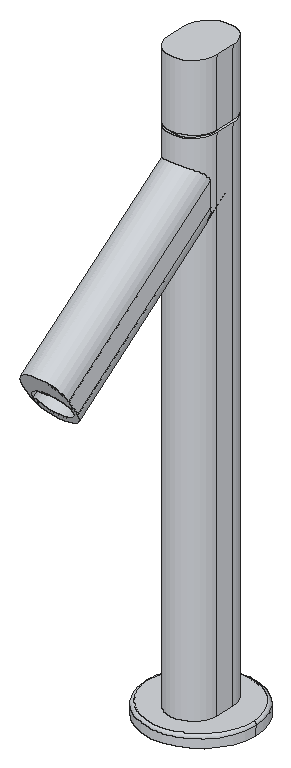
Revit family "Faucet-Lavatory-KOHLER-OBLO-K-10379T_1", category Plumbing Fixtures, host Face, Revit 2017
Family settings
  Host = Face
  Round Connector Dimension = Use Diameter
  Part Type = Normal
  OmniClass Number = 23.31.11.00
  OmniClass Title = Faucets
  Cut with Voids When Loaded = No
  Shared = No
  Room Calculation Point = No
Parameters (values of type "CP-Polished Chrome")
  Width = 2 73/256"  # constant formula
  WaterSense Certified = 1 = 0  # no
  Waste Water Outlet = "Waste Water Outlet"  # constant formula
  Waste Connection = 1 = 0  # no
  Vent Connection = 1 = 0  # no
  URL = "http://www.kohler.com.cn/"
  Type = 1
  Spout Reach = 3 25/32"  # constant formula
  Product Page URL = ""
  Product Name = "OBLO"  # constant formula
  Product Documentation Link = ""
  Pressure = 45.00 psi  # constant formula
  Model = "K-10379T-9-CP"  # constant formula
  Material = "Premium Metal Construction"  # constant formula
  Master Format 2014 Name = "Residential Faucets, Supplies, and Trim"  # constant formula
  Master Format 2014 = "22 41 39"  # constant formula
  Manufacturer Address = "Kohler Beijing Office (100016)\n36-2-03-B, No. 88, Liuxiang Road, Beijing"  # constant formula
  Manufacturer = "KOHLER Co."  # constant formula
  Length = Spout Reach  # 3 25/32"
  Hot Water Inlet = "Hot Water Inlet"  # constant formula
  Height = 12 119/256"  # constant formula
  HW Connection = 1 = 1  # yes
  Flow Rate = 2.2 GPM  # constant formula
  Finish = Kohler-Metal-CP-Polished_Chrome
  Environmental Product Declaration = ""
  Drain Included = 1 = 0  # no
  Description = "TALL LAVATORY SINGLE CONTROL"  # constant formula
  Default Elevation = 36"
  Declare Label = ""
  Date Modified = "02/22/2021"  # constant formula
  Date Created = "02/22/2021"  # constant formula
  Copyright = "Copyright KOHLER Co."  # constant formula
  Contact Us = "http://www.kohler.com.cn/contact/contact-us/"
  Cold Water Inlet = "Cold Water Inlet"  # constant formula
  CW Connection = 1 = 1  # yes
  Assembly Code = "D2010"
  ADA Compliant = 1 = 0  # no
Reference planes (in)
  plane 1 "Center (Front/Back)": y = 0
  plane 2: z = 0
  plane 3 "Center (Left/Right)": x = 0
  plane 4: y = -1.14173
  plane 5: y = 1.14173
  plane 6: z = 0.23622
  plane 7: y = 0.70866
  plane 8: y = -0.70866
  plane 9: z = 12.46484
  plane 10: y = -3.77953
  plane 11: z = 7.3622
  plane 12: y = -4.29803
  plane 13: z = 11.02064
  plane 14: z = 11.08268
  plane 15: x = 1.14227
  plane 16: x = -1.14289
  plane 17: x = -0.50197
  plane 18: x = 0.50197
Dimensions and locks (in)
  "Height": level to plane 9
  "Spout Reach": nested 1 to plane 10
  "Width": plane 16 to plane 15
  level to plane 11 = 7.3622"
  plane 13 to level = 11.02064"
  aligned and locked: plane 2 to host face
  aligned and locked: level to host face
Automatic sketch dimensions
  host sketch curve to host sketch curve = 96"  (x2)
Nested families (in)
  nested 1: "K-10379T" at (0, 0.00172, 0), type "K-10379T"
Connectors (in)
  piping at (0.34449, 0.00172, 0), diameter 0.5, driven by "CW Connection", driven by "Cold Water Inlet", driven by "Flow Rate", driven by "Pressure"
    settings: on nested 1, index 1, connector inside diameter 24", connector length 0", flow factor 0, pipe flow 2.2 GPM, pressure drop 45.00 psi, fitting loss kfactor 0, connector angle 0.00°, fixture units 0, engagement length 0", angle of deflection 0.00°, flow configuration 1, flow direction 1, fitting loss method 4, system type 20, joint type 0, gender type 0, connector reference index -1, connector utility 1, adjustable connector no, is connector primary yes, connector description "Cold Water Inlet"
  piping at (-0.34449, 0.00172, 0), diameter 0.5, driven by "Flow Rate", driven by "Pressure", driven by "HW Connection", driven by "Hot Water Inlet"
    settings: on nested 1, index 2, connector inside diameter 24", connector length 0", flow factor 0, pipe flow 2.2 GPM, pressure drop 45.00 psi, fitting loss kfactor 0, connector angle 0.00°, fixture units 0, engagement length 0", angle of deflection 0.00°, flow configuration 1, flow direction 1, fitting loss method 4, system type 19, joint type 0, gender type 0, connector reference index -1, connector utility 1, adjustable connector no, is connector primary no, connector description "Hot Water Inlet"
Definition of nested family "K-10379T"
  Parameters (values of type "K-10379T")
    Material = none
  Reference planes (in)
    plane 1 "Center (Front/Back)": y = 0
    plane 2: z = 0
    plane 3 "Center (Left/Right)": x = 0
    plane 4: y = 1.14173
    plane 5: y = -1.14173
    plane 6: y = 0.70866
    plane 7: y = -0.70866
    plane 8: z = 0.23622
    plane 9: z = 12.46493
    plane 10: x = 1.14227
    plane 11: x = -1.14178
    plane 12: x = -0.50197
    plane 13: x = 0.50197
    plane 14: z = 11.02064
    plane 15: z = 7.3622
    plane 16: y = -3.77953
    plane 17: z = 11.08268
    plane 18: y = -4.29803
    plane 19 "a": through (0, -3.77953, 7.3622) normal (0, 0.5592, -0.829)
  Forms (in)
    Sweep 1, solid, material <- "Material", detail levels medium+fine
      path origin (0, 0, 0) x (1, 0, 0) y (0, 1, 0)
        loop
          circle (0, 0) r 1.14227
      profile origin (0, 1.14227, 0) x (0, -1, 0) y (0, 0, 1)
        loop
          line (0, 0) -> (0.08981, 0) -> (0.08981, 0.23622) -> (0.05441, 0.23622)
          arc (0.05441, 0.23622) -> (0.01562, 0.21662) -> (0, 0.17607) r 0.06045
          line (0, 0.17607) -> (0, 0)
    Extrusion 2, solid, material <- "Material", detail levels medium+fine
      sketch origin (0, 0, 0) x (1, 0, 0) y (0, 1, 0)
        loop
          circle (0, 0) r 1.05246
      from 0 to 0.23622
    Extrusion 3, solid, material <- "Material", detail levels medium+fine
      sketch origin (0, 0, 0) x (1, 0, 0) y (0, 1, 0)
        loop
          line (-0.50197, 0.20669) -> (-0.50197, -0.20669)
          arc (-0.50197, -0.20669) -> (0, -0.70866) -> (0.50197, -0.20669) r 0.50197
          line (0.50197, -0.20669) -> (0.50197, 0.20669)
          arc (0.50197, 0.20669) -> (0, 0.70866) -> (-0.50197, 0.20669) r 0.50197
      from 0.23622 to 11.02064
    Extrusion 4, solid, material <- "Material", detail levels medium+fine
      sketch origin (0, 0, 0) x (1, 0, 0) y (0, 1, 0)
        loop
          line (-0.50197, 0.20669) -> (-0.50197, -0.20669)
          arc (-0.50197, -0.20669) -> (0, -0.70866) -> (0.50197, -0.20669) r 0.50197
          line (0.50197, -0.20669) -> (0.50197, 0.20669)
          arc (0.50197, 0.20669) -> (0, 0.70866) -> (-0.50197, 0.20669) r 0.50197
      from 11.08268 to 12.46493
    Extrusion 5, solid, material <- "Material", detail levels medium+fine
      sketch origin (0, 0, 0) x (1, 0, 0) y (0, 1, 0)
        loop
          circle (0, -0.20903) r 0.44882
      from 11.02362 to 11.08268
    Extrusion 6, solid, material <- "Material", detail levels medium+fine
      sketch origin (0, -5.8487, 4.62189) x (0, 0.557913, -0.829899) y (-1, 0, 0)
        loop
          arc (-1.54274, 0.47921) -> (-2.02063, 0.00132) -> (-1.54274, -0.47656) r 0.47789
          line (-1.54274, -0.47656) -> (-1.12993, -0.47656)
          arc (-1.12993, -0.47656) -> (-0.65204, 0.00132) -> (-1.12993, 0.47921) r 0.47789
          line (-1.12993, 0.47921) -> (-1.54274, 0.47921)
      from 3.24182 to 7.78654
    Extrusion 7, void
      sketch origin (0, 3.27273, 3.22969) x (1, 0, 0) y (0, -0.547157, 0.83703)
        loop
          spline (-0.4232, 7.361) -> (-0.40882, 7.27141) -> (-0.36668, 7.18792) -> (-0.29963, 7.11623) -> (-0.21226, 7.06122) -> (-0.11051, 7.02664) -> (-0.00132, 7.01485) -> (0.10787, 7.02664) -> (0.20962, 7.06122) -> (0.297, 7.11623) -> (0.36404, 7.18792) -> (0.40619, 7.27141) -> (0.42056, 7.361)
          spline (0.42056, 7.361) -> (0.40619, 7.4506) -> (0.36404, 7.53408) -> (0.297, 7.60578) -> (0.20962, 7.66079) -> (0.10787, 7.69537) -> (-0.00132, 7.70716) -> (-0.11051, 7.69537) -> (-0.21226, 7.66079) -> (-0.29963, 7.60578) -> (-0.36668, 7.53408) -> (-0.40882, 7.4506) -> (-0.4232, 7.361)
      from 0.97902 to 5.1141
    Revolve 8, solid, material <- "Material", detail levels coarse
      sketch origin (0, 0, 0) x (0, 1, 0) y (0, 0, 1)
        loop
          line (0, 0) -> (1.1811, 0) -> (1.1811, 0.25681) -> (0, 0.25681) -> (0, 0)
        axis (0, 0.25681) -> (0, 0)
      angle from 0 to 360
    Extrusion 9, solid, material <- "Material", detail levels coarse
      sketch origin (0, 0, 0) x (1, 0, 0) y (0, 1, 0)
        loop
          line (-0.52657, 0.20669) -> (-0.52657, -0.20669)
          arc (-0.52657, -0.20669) -> (0, -0.73327) -> (0.52657, -0.20669) r 0.52657
          line (0.52657, -0.20669) -> (0.52657, 0.20669)
          arc (0.52657, 0.20669) -> (0, 0.73327) -> (-0.52657, 0.20669) r 0.52657
      from 0.23622 to 12.46493
    Extrusion 10, solid, material <- "Material", detail levels coarse
      sketch origin (0, 0, 0) x (0, 1, 0) y (0, 0, 1)
        loop
          line (-0.50877, 10.63524) -> (-4.42904, 7.99978) -> (-3.66257, 6.85966) -> (0.2577, 9.49512) -> (-0.50877, 10.63524)
      from -0.47921 to 0.50197
    Extrusion 11, solid, material <- "Material"
      sketch origin (0, 0, 0) x (1, 0, 0) y (0, 1, 0)
        loop
          circle (0.34449, 0) r 0.10219
        loop
          circle (-0.34449, 0) r 0.10219
      from 0 to 0.11044
  Cuts and joins
    joined: Sweep 1, Extrusion 2
    Extrusion 7 cuts Extrusion 3
    Extrusion 7 cuts Extrusion 6
  Lines and regions (in)
    Masking region 1
      outline origin (0, 0, 0) x (0, 1, 0) y (0, 0, 1)
        loop
          line (0, 0) -> (1.14173, 0) -> (1.14173, 0.18287)
          arc (1.14173, 0.18287) -> (1.12468, 0.22203) -> (1.08439, 0.23622) r 0.05349
          line (1.08439, 0.23622) -> (0.70866, 0.23622) -> (0.70866, 11.02064) -> (0.23995, 11.02064) -> (0.23995, 11.08268) -> (0.70866, 11.08268) -> (0.70866, 12.46493) -> (-0.70866, 12.46493) -> (-0.70866, 11.08268) -> (-0.65785, 11.08268) -> (-0.65785, 11.02362) -> (-0.70866, 11.02362) -> (-0.70866, 10.5123) -> (-4.28573, 8.10756) -> (-3.51971, 6.9681) -> (-0.70866, 8.86417) -> (-0.70866, 0.23622) -> (-1.08439, 0.23622)
          arc (-1.08439, 0.23622) -> (-1.12468, 0.22203) -> (-1.14173, 0.18287) r 0.05349
          line (-1.14173, 0.18287) -> (-1.14173, 0) -> (0, 0)
    Masking region 2
      outline origin (0, 0, 0) x (1, 0, 0) y (0, 0, 1)
        loop
          line (0, 0) -> (1.14227, 0) -> (1.14227, 0.18135)
          arc (1.14227, 0.18135) -> (1.12636, 0.21999) -> (1.08786, 0.23622) r 0.05487
          line (1.08786, 0.23622) -> (0.50197, 0.23622) -> (0.50197, 11.02064) -> (0.44885, 11.02064) -> (0.44885, 11.08245) -> (0.50199, 11.08245) -> (0.50199, 12.46493) -> (0, 12.46493) -> (-0.50199, 12.46493) -> (-0.50199, 11.08245) -> (-0.44885, 11.08245) -> (-0.44885, 11.02064) -> (-0.50197, 11.02064) -> (-0.50197, 0.23622) -> (-1.08786, 0.23622)
          arc (-1.08786, 0.23622) -> (-1.12636, 0.21999) -> (-1.14227, 0.18135) r 0.05487
          line (-1.14227, 0.18135) -> (-1.14227, 0) -> (0, 0)
    Masking region 3
      outline origin (0, 0, 0) x (1, 0, 0) y (0, 1, 0)
        loop
          arc (1.14227, 0) -> (0, 1.14227) -> (-1.14227, 0) r 1.14227
          arc (-1.14227, 0) -> (-0.96906, -0.60473) -> (-0.50197, -1.02606) r 1.14227
          line (-0.50197, -1.02606) -> (-0.50197, -4.02215)
          arc (-0.50197, -4.02215) -> (-0.4882, -4.08691) -> (-0.44929, -4.14047) r 0.15921
          arc (-0.44929, -4.14047) -> (-0.24044, -4.26429) -> (0, -4.29803) r 0.61752
          arc (0, -4.29803) -> (0.24044, -4.26429) -> (0.44929, -4.14047) r 0.61752
          arc (0.44929, -4.14047) -> (0.4882, -4.08691) -> (0.50197, -4.02215) r 0.15921
          line (0.50197, -4.02215) -> (0.50197, -1.02606)
          arc (0.50197, -1.02606) -> (0.96906, -0.60473) -> (1.14227, 0) r 1.14227
    symbolic lines, detail levels medium+fine
      curve 1: arc (-1.08786, 0, 0) -> (0, 1.08786, 0) -> (1.08786, 0, 0) r 1.08786
      curve 2: arc (1.08786, 0, 0) -> (0.92992, -0.56452, 0) -> (0.50197, -0.96512, 0) r 1.08786
      curve 3: line (-0.50197, -1.02606, 0) -> (-0.50197, -0.96512, 0)
      curve 4: arc (0.50197, 0.20669, 0) -> (0, 0.70866, 0) -> (-0.50197, 0.20669, 0) r 0.50197
      curve 5: line (-0.50197, -0.96512, 0) -> (-0.50197, 0.20669, 0)
      curve 6: line (0.50197, -1.02606, 0) -> (0.50197, -0.96512, 0)
      curve 7: line (0.50197, -0.96512, 0) -> (0.50197, 0.20669, 0)
      curve 8: arc (-0.50197, -0.96512, 0) -> (-0.92992, -0.56452, 0) -> (-1.08786, 0, 0) r 1.08786
      curve 9: arc (-0.50197, -0.20669, 0) -> (0, -0.70866, 0) -> (0.50197, -0.20669, 0) r 0.50197
      curve 10: line (0.50197, 0, 11.02064) -> (-0.50197, 0, 11.02064)
      curve 11: line (-0.50197, 0, 11.08268) -> (0.50197, 0, 11.08268)
      curve 12: line (-0.50197, 0, 7.71086) -> (-0.50197, 0, 7.36826)
      curve 13: spline (-0.50197, 0, 7.36826) -> (-0.48486, 0, 7.26562) -> (-0.43472, 0, 7.16997) -> (-0.35495, 0, 7.08783) -> (-0.25098, 0, 7.0248) -> (-0.12992, 0, 6.98518) -> (0, 0, 6.97167) -> (0.12992, 0, 6.98518) -> (0.25098, 0, 7.0248) -> (0.35495, 0, 7.08783) -> (0.43472, 0, 7.16997) -> (0.48486, 0, 7.26562) -> (0.50197, 0, 7.36826)
      curve 14: line (0.50197, 0, 7.36826) -> (0.50197, 0, 7.71086)
      curve 15: spline (0.50197, 0, 7.71086) -> (0.48486, 0, 7.81351) -> (0.43472, 0, 7.90916) -> (0.35495, 0, 7.9913) -> (0.25098, 0, 8.05432) -> (0.12992, 0, 8.09394) -> (0, 0, 8.10746) -> (-0.12992, 0, 8.09394) -> (-0.25098, 0, 8.05432) -> (-0.35495, 0, 7.9913) -> (-0.43472, 0, 7.90916) -> (-0.48486, 0, 7.81351) -> (-0.50197, 0, 7.71086)
      curve 16: arc (-0.50197, 0, 10.24285) -> (0, 0, 10.64247) -> (0.50197, 0, 10.24285) r 0.51507
      curve 17: line (-0.4232, 0, 7.39579) -> (0.42056, 0, 7.39579)
      curve 18: line (0.42056, 0, 7.39579) -> (-0.4232, 0, 7.39579)
      curve 19: line (-0.50199, 0, 12.40061) -> (0.50197, 0, 12.40061)
      curve 20: line (-0.50197, 0, 0.23622) -> (0.50197, 0, 0.23622)
      curve 21: line (0, 0.70866, 11.02064) -> (0, -0.70866, 11.02064)
      curve 22: line (0, -0.70866, 11.08268) -> (0, 0.70866, 11.08268)
      curve 23: line (0, 0.70866, 12.38736) -> (0, -0.70866, 12.38736)
      curve 24: line (0, -0.70866, 0.23622) -> (0, 0.70866, 0.23622)
  Dimensions and locks (in)
    plane 4 to plane 5 = 2.28347"
    plane 9 to level = 12.46493"
    level to plane 14 = 11.02064"
    plane 1 "Center (Front/Back)" to plane 16 = 3.77953"
    plane 15 to level = 7.3622"
    plane 6 to plane 7 = 1.41732"
    plane 17 to plane 9 = 1.38225"
    plane 11 to plane 10 = 2.28405"
    aligned and locked: level to plane 2
